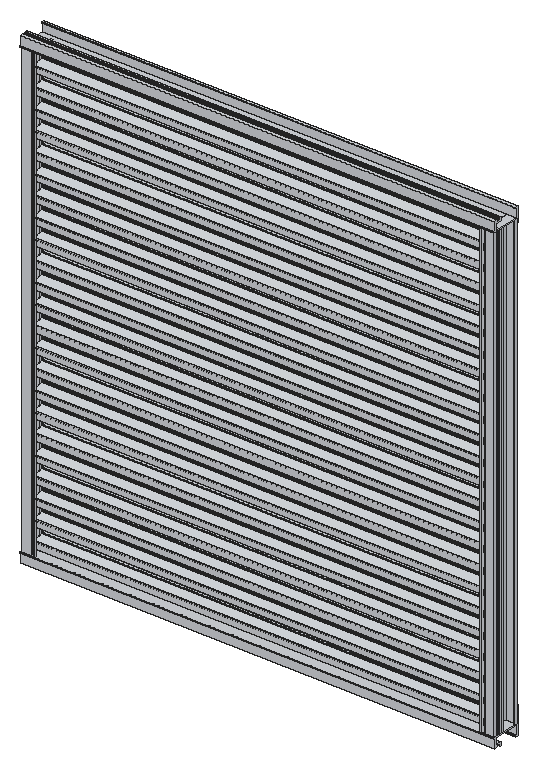
Revit family "FL-D-2", category Mechanical Equipment, Revit 2015
Parameters
  URL = "http://unitedenertech.com/catalog/pdf/A_1%20FL-D-2.pdf"
  Type Comments = "Max. Single Section Size is (120\"w  x  84\"h) or (84\"w  x  120\"h)"
  Number of Blades [instance] = rounddown((Exact Height - 0' 1 11/16") / 0' 1 15/32")  # 23
  Model = "FL-D-2"
  Manufacturer = "United Enertech Corporation"
  Exact Width = 3' - 0"
  Exact Height = 3' - 0"
  Description = "High Performance 2\" Fixed Louver"
  Depth = 0' - 2.2029"
  Blade Spacing = 0' - 1.47"
  BW [instance] = Exact Width - 0' 1 11/16"  # 2' - 10 5/16"
Reference planes (in)
  plane 1 "Center (Front/Back)": y = 0
  plane 2: z = 0
  plane 3 "Center (Left/Right)": x = 0
  plane 4: x = -18
  plane 5: x = 18
  plane 6: z = 36
  plane 7: x = -17.166
  plane 8: x = 17.166
  plane 9: z = 35.166
  plane 10: z = 0.834
  plane 11: y = 2.2029
Forms (in)
  Extrusion 1, solid
    sketch origin (34.20382, -6.2655, 0) x (1, 0, 0) y (0, 1, 0)
      loop
        line (-52.20382, 8.22147) -> (-52.14382, 8.22147) -> (-52.14382, 8.34947) -> (-51.42982, 8.34947) -> (-51.42982, 7.14747) -> (-52.14382, 7.14747) -> (-52.14382, 6.86747) -> (-52.18882, 6.86747) -> (-52.18882, 6.80747) -> (-52.14382, 6.80747) -> (-52.14382, 6.74547) -> (-52.08382, 6.74547) -> (-52.08382, 6.80747) -> (-51.99582, 6.80747) -> (-51.99582, 6.36747) -> (-52.08382, 6.36747) -> (-52.08382, 6.52647) -> (-52.14382, 6.52647) -> (-52.14382, 6.30747) -> (-51.13871, 6.30747) -> (-51.13871, 6.2655) -> (-51.07882, 6.2655) -> (-51.07882, 6.36747) -> (-51.36982, 6.36747) -> (-51.36982, 6.49547) -> (-51.42982, 6.49547) -> (-51.42982, 6.36747) -> (-51.93582, 6.36747) -> (-51.93582, 6.86747) -> (-52.08382, 6.86747) -> (-52.08382, 7.08747) -> (-51.36982, 7.08747) -> (-51.36982, 8.34947) -> (-51.07882, 8.34947) -> (-51.07882, 8.40947) -> (-52.20382, 8.40947) -> (-52.20382, 8.22147)
    from 0.834 to 35.166
  Extrusion 2, solid
    sketch origin (-34.20382, -6.2655, 0) x (-1, 0, 0) y (0, -1, 0)
      loop
        line (-52.20382, -8.22147) -> (-52.20382, -8.40947) -> (-51.07882, -8.40947) -> (-51.07882, -8.34947) -> (-51.36982, -8.34947) -> (-51.36982, -7.08747) -> (-52.08382, -7.08747) -> (-52.08382, -6.86747) -> (-51.93582, -6.86747) -> (-51.93582, -6.36747) -> (-51.42982, -6.36747) -> (-51.42982, -6.49547) -> (-51.36982, -6.49547) -> (-51.36982, -6.36747) -> (-51.07882, -6.36747) -> (-51.07882, -6.2655) -> (-51.13871, -6.2655) -> (-51.13871, -6.30747) -> (-52.14382, -6.30747) -> (-52.14382, -6.52647) -> (-52.08382, -6.52647) -> (-52.08382, -6.36747) -> (-51.99582, -6.36747) -> (-51.99582, -6.80747) -> (-52.08382, -6.80747) -> (-52.08382, -6.74547) -> (-52.14382, -6.74547) -> (-52.14382, -6.80747) -> (-52.18882, -6.80747) -> (-52.18882, -6.86747) -> (-52.14382, -6.86747) -> (-52.14382, -7.14747) -> (-51.42982, -7.14747) -> (-51.42982, -8.34947) -> (-52.14382, -8.34947) -> (-52.14382, -8.22147) -> (-52.20382, -8.22147)
    from 0.834 to 35.166
  Extrusion 3, solid
    sketch origin (-58.57781, 52.92926, -9.8407) x (0, 1, 0) y (0, 0, 1)
      loop
        line (-52.38831, 9.8597) -> (-52.32831, 9.8597) -> (-52.32831, 10.1277) -> (-52.82831, 10.1277) -> (-52.82831, 10.6147) -> (-50.78637, 10.6147) -> (-50.78637, 9.9007) -> (-50.91437, 9.9007) -> (-50.91437, 9.8407) -> (-50.72637, 9.8407) -> (-50.72637, 11.9587) -> (-50.78637, 11.9587) -> (-50.78637, 10.6747) -> (-52.92926, 10.6747) -> (-52.92926, 10.6147) -> (-52.88831, 10.6147) -> (-52.88831, 9.9197) -> (-52.66931, 9.9197) -> (-52.66931, 9.9797) -> (-52.82831, 9.9797) -> (-52.82831, 10.0677) -> (-52.38831, 10.0677) -> (-52.38831, 9.9797) -> (-52.45031, 9.9797) -> (-52.45031, 9.9197) -> (-52.38831, 9.9197) -> (-52.38831, 9.8597)
    from 40.57781 to 76.57781
  Extrusion 4, solid
    sketch origin (-58.51683, 52.86828, 21.94295) x (0, 1, 0) y (0, 0, 1)
      loop
        line (-52.32732, 13.97805) -> (-52.38932, 13.97805) -> (-52.38932, 13.91805) -> (-52.32732, 13.91805) -> (-52.32732, 13.83005) -> (-52.76732, 13.83005) -> (-52.76732, 13.91805) -> (-52.60832, 13.91805) -> (-52.60832, 13.97805) -> (-52.82732, 13.97805) -> (-52.82732, 13.28305) -> (-52.86828, 13.28305) -> (-52.86828, 13.22305) -> (-50.72538, 13.22305) -> (-50.72538, 12.93905) -> (-50.66538, 12.93905) -> (-50.66538, 14.05705) -> (-50.85338, 14.05705) -> (-50.85338, 13.99705) -> (-50.72538, 13.99705) -> (-50.72538, 13.28305) -> (-52.76732, 13.28305) -> (-52.76732, 13.77005) -> (-52.26732, 13.77005) -> (-52.26732, 14.03805) -> (-52.32732, 14.03805) -> (-52.32732, 13.97805)
    from 40.51683 to 76.51683
Dimensions and locks (in)
  equal spacing: plane 5, plane 3 "Center (Left/Right)", plane 4
  "Exact Width": plane 5 to plane 4
  "Exact Height": plane 6 to level
  locked: plane 4 to plane 7 at 0.834
  locked: plane 8 to plane 5 at 0.834
  locked: plane 6 to plane 9 at 0.834
  locked: plane 10 to level at 0.834
  "Depth": plane 1 "Center (Front/Back)" to plane 11
  equal spacing: group 1, group 2, group 3, group 4, group 5, group 6, group 7, group 8, group 9, group 10, group 11, group 12, group 13, group 14, group 15, group 16, group 17, group 18, group 19, group 20, group 21, group 22, group 23  (x2)
  equal spacing: group 23, group 22, group 21, group 20, group 19, group 18, group 17, group 16, group 15, group 14, group 13, group 12, group 11, group 10, group 9, group 8, group 7, group 6, group 5, group 4, group 3, group 2, group 1
  "Blade Spacing": nested 2 to nested 1
  aligned and locked: level to plane 2
  aligned and locked: plane 4 to Extrusion 1
  aligned and locked: plane 5 to Extrusion 2
  aligned and locked: level to Extrusion 3
  aligned and locked: plane 5 to Extrusion 3
  aligned and locked: Extrusion 3 to plane 4
  aligned and locked: plane 6 to Extrusion 4
  aligned and locked: plane 5 to Extrusion 4
  aligned and locked: Extrusion 4 to plane 4
  aligned and locked: plane 9 to Extrusion 1
  aligned and locked: plane 9 to Extrusion 2
  aligned and locked: Extrusion 2 to plane 10
  aligned and locked: Extrusion 1 to plane 10
  aligned and locked: Extrusion 1 to Extrusion 4
  aligned and locked: Extrusion 2 to Extrusion 4
  aligned and locked: plane 9 to nested 1
  aligned and locked: plane 3 "Center (Left/Right)" to nested 1
  aligned and locked: nested 2 to nested 1
Automatic sketch dimensions
  Extrusion 1 sketch curve to plane 4 = 0' - 0"
  plane 1 "Center (Front/Back)" to Extrusion 1 sketch curve = 0' - 0"
  plane 4 to Extrusion 1 sketch curve = 0' - 0.015"
  plane 4 to Extrusion 1 sketch curve = 0' - 0.06"  (x4)
  Extrusion 1 sketch curve to Extrusion 1 sketch curve = 0' - 0.06"  (x9)
  Extrusion 1 sketch curve to Extrusion 1 sketch curve = 0' - 0"  (x4)
  Extrusion 1 sketch curve to Extrusion 1 sketch curve = 0' - 0.088"
  Extrusion 1 sketch curve to Extrusion 1 sketch curve = 0' - 0.506"  (x2)
  Extrusion 1 sketch curve to plane 1 "Center (Front/Back)" = 0' - 0.22997"
  Extrusion 1 sketch curve to plane 1 "Center (Front/Back)" = 0' - 0.04197"
  Extrusion 1 sketch curve to Extrusion 1 sketch curve = 0' - 0.23111"
  Extrusion 1 sketch curve to Extrusion 1 sketch curve = 0' - 0.291"
  Extrusion 1 sketch curve to Extrusion 1 sketch curve = 0' - 0.05989"
  Extrusion 1 sketch curve to plane 1 "Center (Front/Back)" = 0' - 0.10197"
  Extrusion 1 sketch curve to Extrusion 1 sketch curve = 0' - 0.159"
  Extrusion 1 sketch curve to Extrusion 1 sketch curve = 0' - 0.219"
  Extrusion 1 sketch curve to Extrusion 1 sketch curve = 0' - 0.062"  (x2)
  Extrusion 1 sketch curve to Extrusion 1 sketch curve = 0' - 0.22"
  Extrusion 1 sketch curve to Extrusion 1 sketch curve = 0' - 1.074"
  Extrusion 1 sketch curve to Extrusion 1 sketch curve = 0' - 0.128"
  Extrusion 2 sketch curve to plane 5 = 0' - 0"
  plane 1 "Center (Front/Back)" to Extrusion 2 sketch curve = 0' - 0"
  plane 5 to Extrusion 2 sketch curve = 0' - 0.015"
  plane 5 to Extrusion 2 sketch curve = 0' - 0.06"  (x4)
  Extrusion 2 sketch curve to Extrusion 2 sketch curve = 0' - 0.06"  (x9)
  Extrusion 2 sketch curve to Extrusion 2 sketch curve = 0' - 0"  (x4)
  Extrusion 2 sketch curve to Extrusion 2 sketch curve = 0' - 0.088"
  Extrusion 2 sketch curve to Extrusion 2 sketch curve = 0' - 0.506"  (x2)
  plane 1 "Center (Front/Back)" to Extrusion 2 sketch curve = 0' - 0.22997"
  plane 1 "Center (Front/Back)" to Extrusion 2 sketch curve = 0' - 0.04197"
  Extrusion 2 sketch curve to Extrusion 2 sketch curve = 0' - 0.23111"
  Extrusion 2 sketch curve to Extrusion 2 sketch curve = 0' - 0.291"
  Extrusion 2 sketch curve to Extrusion 2 sketch curve = 0' - 0.05989"
  plane 1 "Center (Front/Back)" to Extrusion 2 sketch curve = 0' - 0.10197"
  Extrusion 2 sketch curve to Extrusion 2 sketch curve = 0' - 0.159"
  Extrusion 2 sketch curve to Extrusion 2 sketch curve = 0' - 0.219"
  Extrusion 2 sketch curve to Extrusion 2 sketch curve = 0' - 0.062"  (x2)
  Extrusion 2 sketch curve to Extrusion 2 sketch curve = 0' - 0.22"
  Extrusion 2 sketch curve to Extrusion 2 sketch curve = 0' - 1.074"
  Extrusion 2 sketch curve to Extrusion 2 sketch curve = 0' - 0.128"
  Extrusion 3 sketch curve to plane 1 "Center (Front/Back)" = 0' - 0"
  Extrusion 3 sketch curve to Extrusion 3 sketch curve = 0' - 0.04096"
  Extrusion 3 sketch curve to Extrusion 3 sketch curve = 0' - 0.06"  (x9)
  Extrusion 3 sketch curve to Extrusion 3 sketch curve = 0' - 0"  (x4)
  Extrusion 3 sketch curve to Extrusion 3 sketch curve = 0' - 0.159"
  Extrusion 3 sketch curve to Extrusion 3 sketch curve = 0' - 0.219"
  Extrusion 3 sketch curve to Extrusion 3 sketch curve = 0' - 0.062"  (x2)
  Extrusion 3 sketch curve to Extrusion 3 sketch curve = 0' - 1.41394"
  Extrusion 3 sketch curve to Extrusion 3 sketch curve = 0' - 0.128"
  level to Extrusion 3 sketch curve = 0' - 0"
  Extrusion 3 sketch curve to Extrusion 3 sketch curve = 0' - 0.019"
  Extrusion 3 sketch curve to Extrusion 3 sketch curve = 0' - 0.088"
  Extrusion 3 sketch curve to Extrusion 3 sketch curve = 0' - 0.714"
  Extrusion 3 sketch curve to Extrusion 3 sketch curve = 0' - 1.284"
  Extrusion 4 sketch curve to plane 1 "Center (Front/Back)" = 0' - 0"
  Extrusion 4 sketch curve to Extrusion 4 sketch curve = 0' - 0.04096"
  Extrusion 4 sketch curve to Extrusion 4 sketch curve = 0' - 0.06"  (x11)
  Extrusion 4 sketch curve to Extrusion 4 sketch curve = 0' - 0.159"
  Extrusion 4 sketch curve to Extrusion 4 sketch curve = 0' - 0.219"
  Extrusion 4 sketch curve to Extrusion 4 sketch curve = 0' - 0.062"
  Extrusion 4 sketch curve to Extrusion 4 sketch curve = 0' - 0"  (x2)
  Extrusion 4 sketch curve to Extrusion 4 sketch curve = 0' - 1.41394"
  Extrusion 4 sketch curve to Extrusion 4 sketch curve = 0' - 0.128"
  level to Extrusion 4 sketch curve = 2' - 10.882"
  Extrusion 4 sketch curve to Extrusion 4 sketch curve = 0' - 0.284"
  Extrusion 4 sketch curve to Extrusion 4 sketch curve = 0' - 0.487"
  Extrusion 4 sketch curve to Extrusion 4 sketch curve = 0' - 0.088"  (x2)
  Extrusion 4 sketch curve to Extrusion 4 sketch curve = 0' - 0.714"
Nested families (in)
  nested 1: "2 Blade" at (0, -5.09594, 16.4264), type "2 Blade"
    with Blade Width 2' - 10 5/16"
  nested 2: "2 Blade" at (0, -5.09594, 14.9564), type "2 Blade"
    with Blade Width 2' - 10 5/16"
  nested 3: "2 Blade" at (0, -5.09594, 13.4864), type "2 Blade"
    with Blade Width 2' - 10 5/16"
  nested 4: "2 Blade" at (0, -5.09594, 12.0164), type "2 Blade"
    with Blade Width 2' - 10 5/16"
  nested 5: "2 Blade" at (0, -5.09594, 10.5464), type "2 Blade"
    with Blade Width 2' - 10 5/16"
  nested 6: "2 Blade" at (0, -5.09594, 9.0764), type "2 Blade"
    with Blade Width 2' - 10 5/16"
  nested 7: "2 Blade" at (0, -5.09594, 7.6064), type "2 Blade"
    with Blade Width 2' - 10 5/16"
  nested 8: "2 Blade" at (0, -5.09594, 6.1364), type "2 Blade"
    with Blade Width 2' - 10 5/16"
  nested 9: "2 Blade" at (0, -5.09594, 4.6664), type "2 Blade"
    with Blade Width 2' - 10 5/16"
  nested 10: "2 Blade" at (0, -5.09594, 3.1964), type "2 Blade"
    with Blade Width 2' - 10 5/16"
  nested 11: "2 Blade" at (0, -5.09594, 1.7264), type "2 Blade"
    with Blade Width 2' - 10 5/16"
  nested 12: "2 Blade" at (0, -5.09594, 0.2564), type "2 Blade"
    with Blade Width 2' - 10 5/16"
  nested 13: "2 Blade" at (0, -5.09594, -1.2136), type "2 Blade"
    with Blade Width 2' - 10 5/16"
  nested 14: "2 Blade" at (0, -5.09594, -2.6836), type "2 Blade"
    with Blade Width 2' - 10 5/16"
  nested 15: "2 Blade" at (0, -5.09594, -4.1536), type "2 Blade"
    with Blade Width 2' - 10 5/16"
  nested 16: "2 Blade" at (0, -5.09594, -5.6236), type "2 Blade"
    with Blade Width 2' - 10 5/16"
  nested 17: "2 Blade" at (0, -5.09594, -7.0936), type "2 Blade"
    with Blade Width 2' - 10 5/16"
  nested 18: "2 Blade" at (0, -5.09594, -8.5636), type "2 Blade"
    with Blade Width 2' - 10 5/16"
  nested 19: "2 Blade" at (0, -5.09594, -10.0336), type "2 Blade"
    with Blade Width 2' - 10 5/16"
  nested 20: "2 Blade" at (0, -5.09594, -11.5036), type "2 Blade"
    with Blade Width 2' - 10 5/16"
  nested 21: "2 Blade" at (0, -5.09594, -12.9736), type "2 Blade"
    with Blade Width 2' - 10 5/16"
  nested 22: "2 Blade" at (0, -5.09594, -14.4436), type "2 Blade"
    with Blade Width 2' - 10 5/16"
  nested 23: "2 Blade" at (0, -5.09594, -15.9136), type "2 Blade"
    with Blade Width 2' - 10 5/16"
Definition of nested family "2 Blade"
  Parameters (values of type "2 Blade")
    Blade Width = 4' - 0"
  Reference planes (in)
    plane 1 "Center (Front/Back)": y = 0
    plane 2: z = 0
    plane 3 "Center (Left/Right)": x = 0
    plane 4: x = -24
    plane 5: x = 24
  Forms (in)
    Extrusion 1, solid
      sketch origin (-11.31137, -0.48975, 11.80112) x (0, 1, 0) y (0, 0, 1)
        loop
          line (5.68765, 5.99696) -> (5.68765, 5.45928) -> (6.57381, 6.06348) -> (6.64102, 6.05) -> (6.66307, 6.10142) -> (6.61157, 6.12089) -> (6.58076, 6.1517) -> (6.57109, 6.18935) -> (6.58156, 6.22841) -> (6.61015, 6.257) -> (6.64922, 6.26747) -> (6.68828, 6.257) -> (6.71687, 6.22841) -> (6.72734, 6.18935) -> (6.72639, 6.14855) -> (6.78489, 6.14193) -> (6.78734, 6.18935) -> (6.78579, 6.25088) -> (6.98655, 6.38776) -> (7.03105, 6.36934) -> (7.08441, 6.34916) -> (7.10622, 6.40686) -> (7.0708, 6.41773) -> (7.04051, 6.43522) -> (7.01758, 6.47493) -> (7.01758, 6.50991) -> (7.04051, 6.54962) -> (7.0708, 6.5671) -> (7.11665, 6.5671) -> (7.14694, 6.54962) -> (7.16987, 6.50991) -> (7.16987, 6.45101) -> (7.22768, 6.44597) -> (7.23663, 6.51312) -> (7.6896, 6.93848) -> (7.39953, 6.93848) -> (7.39953, 6.88031) -> (7.54, 6.88031) -> (7.22154, 6.58125) -> (7.16279, 6.61204) -> (7.09373, 6.63054) -> (7.02466, 6.61204) -> (6.97411, 6.56148) -> (6.9556, 6.49242) -> (6.95485, 6.43829) -> (6.75034, 6.29885) -> (6.71828, 6.30897) -> (6.64922, 6.32747) -> (6.60004, 6.31842) -> (6.54353, 6.27989) -> (6.51284, 6.20835) -> (6.51284, 6.1674) -> (6.52348, 6.10131) -> (5.74807, 5.57262) -> (5.74807, 5.85815) -> (5.83283, 5.78157) -> (5.87305, 5.82609) -> (5.68765, 5.99696)
      from -12.68863 to 35.31137
  Dimensions and locks (in)
    equal spacing: plane 4, plane 3 "Center (Left/Right)", plane 5
    "Blade Width": plane 4 to plane 5
    aligned and locked: level to plane 2
    aligned and locked: plane 4 to Extrusion 1
    aligned and locked: plane 5 to Extrusion 1
  Automatic sketch dimensions
    Extrusion 1 sketch curve to plane 1 "Center (Front/Back)" = 0' - 5.19791"
    Extrusion 1 sketch curve to Extrusion 1 sketch curve = 0' - 0.06042"
    Extrusion 1 sketch curve to Extrusion 1 sketch curve = 0' - 0.08476"
    Extrusion 1 sketch curve to Extrusion 1 sketch curve = 0' - 0.04022"
    Extrusion 1 sketch curve to Extrusion 1 sketch curve = 0' - 0.63979"
    Extrusion 1 sketch curve to Extrusion 1 sketch curve = 0' - 0.01064"
    Extrusion 1 sketch curve to Extrusion 1 sketch curve = 0' - 0.03068"
    Extrusion 1 sketch curve to Extrusion 1 sketch curve = 0' - 0.05825"
    Extrusion 1 sketch curve to Extrusion 1 sketch curve = 0' - 0.05032"
    Extrusion 1 sketch curve to Extrusion 1 sketch curve = 0' - 0.00967"
    Extrusion 1 sketch curve to Extrusion 1 sketch curve = 0' - 0.01047"  (x3)
    Extrusion 1 sketch curve to Extrusion 1 sketch curve = 0' - 0.05651"
    Extrusion 1 sketch curve to Extrusion 1 sketch curve = 0' - 0.0286"  (x4)
    Extrusion 1 sketch curve to Extrusion 1 sketch curve = 0' - 0.03082"  (x2)
    Extrusion 1 sketch curve to Extrusion 1 sketch curve = 0' - 0.06721"
    Extrusion 1 sketch curve to Extrusion 1 sketch curve = 0' - 0.04918"
    Extrusion 1 sketch curve to Extrusion 1 sketch curve = 0' - 0 5/128"  (x4)
    Extrusion 1 sketch curve to Extrusion 1 sketch curve = 0' - 0.0515"
    Extrusion 1 sketch curve to Extrusion 1 sketch curve = 0' - 0.03"
    Extrusion 1 sketch curve to Extrusion 1 sketch curve = 0' - 0.06332"
    Extrusion 1 sketch curve to Extrusion 1 sketch curve = 0' - 0.03206"
    Extrusion 1 sketch curve to Extrusion 1 sketch curve = 0' - 0.05849"
    Extrusion 1 sketch curve to Extrusion 1 sketch curve = 0' - 0.03546"
    Extrusion 1 sketch curve to Extrusion 1 sketch curve = 0' - 0.00246"
    Extrusion 1 sketch curve to Extrusion 1 sketch curve = 0' - 0.20451"
    Extrusion 1 sketch curve to Extrusion 1 sketch curve = 0' - 0.00075"
    Extrusion 1 sketch curve to Extrusion 1 sketch curve = 0' - 0.01851"
    Extrusion 1 sketch curve to Extrusion 1 sketch curve = 0' - 0.0317"
    Extrusion 1 sketch curve to Extrusion 1 sketch curve = 0' - 0.06198"
    Extrusion 1 sketch curve to Extrusion 1 sketch curve = 0' - 0.05056"
    Extrusion 1 sketch curve to Extrusion 1 sketch curve = 0' - 0.04449"
    Extrusion 1 sketch curve to Extrusion 1 sketch curve = 0' - 0.02293"  (x3)
    Extrusion 1 sketch curve to Extrusion 1 sketch curve = 0' - 0.03029"  (x3)
    Extrusion 1 sketch curve to Extrusion 1 sketch curve = 0' - 0.05336"
    Extrusion 1 sketch curve to Extrusion 1 sketch curve = 0' - 0.03542"
    Extrusion 1 sketch curve to Extrusion 1 sketch curve = 0' - 0.04586"
    Extrusion 1 sketch curve to Extrusion 1 sketch curve = 0' - 0.01585"
    Extrusion 1 sketch curve to Extrusion 1 sketch curve = 0' - 0.06365"
    Extrusion 1 sketch curve to Extrusion 1 sketch curve = 0' - 0.05875"
    Extrusion 1 sketch curve to Extrusion 1 sketch curve = 0' - 0.05781"
    Extrusion 1 sketch curve to Extrusion 1 sketch curve = 0' - 0.06676"
    Extrusion 1 sketch curve to Extrusion 1 sketch curve = 0' - 0.17799"
    Extrusion 1 sketch curve to Extrusion 1 sketch curve = 0' - 0.14048"
    Extrusion 1 sketch curve to Extrusion 1 sketch curve = 0' - 0.1496"
    level to Extrusion 1 sketch curve = 1' - 5.2604"
    Extrusion 1 sketch curve to Extrusion 1 sketch curve = 0' - 0.11334"
    Extrusion 1 sketch curve to Extrusion 1 sketch curve = 0' - 0.20895"
    Extrusion 1 sketch curve to Extrusion 1 sketch curve = 0' - 0.04452"
    Extrusion 1 sketch curve to Extrusion 1 sketch curve = 0' - 0.13881"
    Extrusion 1 sketch curve to Extrusion 1 sketch curve = 0' - 0.22391"
    Extrusion 1 sketch curve to Extrusion 1 sketch curve = 0' - 0.01348"
    Extrusion 1 sketch curve to Extrusion 1 sketch curve = 0' - 0.03783"
    Extrusion 1 sketch curve to Extrusion 1 sketch curve = 0' - 0.05142"
    Extrusion 1 sketch curve to Extrusion 1 sketch curve = 0' - 0.01947"
    Extrusion 1 sketch curve to Extrusion 1 sketch curve = 0' - 0.04051"
    Extrusion 1 sketch curve to Extrusion 1 sketch curve = 0' - 0.00662"
    Extrusion 1 sketch curve to Extrusion 1 sketch curve = 0' - 0.06609"
    Extrusion 1 sketch curve to Extrusion 1 sketch curve = 0' - 0.04742"
    Extrusion 1 sketch curve to Extrusion 1 sketch curve = 0' - 0.0408"
    Extrusion 1 sketch curve to Extrusion 1 sketch curve = 0' - 0.03764"
    Extrusion 1 sketch curve to Extrusion 1 sketch curve = 0' - 0.04095"
    Extrusion 1 sketch curve to Extrusion 1 sketch curve = 0' - 0.06153"
    Extrusion 1 sketch curve to Extrusion 1 sketch curve = 0' - 0.05148"
    Extrusion 1 sketch curve to Extrusion 1 sketch curve = 0' - 0.04797"
    Extrusion 1 sketch curve to Extrusion 1 sketch curve = 0' - 0.01011"
    Extrusion 1 sketch curve to Extrusion 1 sketch curve = 0' - 0.06142"
    Extrusion 1 sketch curve to Extrusion 1 sketch curve = 0' - 0.00905"
    Extrusion 1 sketch curve to Extrusion 1 sketch curve = 0' - 0.09828"
    Extrusion 1 sketch curve to Extrusion 1 sketch curve = 0' - 0.02017"
    Extrusion 1 sketch curve to Extrusion 1 sketch curve = 0' - 0.01843"
    Extrusion 1 sketch curve to Extrusion 1 sketch curve = 0' - 0.01087"
    Extrusion 1 sketch curve to Extrusion 1 sketch curve = 0' - 0.01749"  (x2)
    Extrusion 1 sketch curve to Extrusion 1 sketch curve = 0' - 0.05053"
    Extrusion 1 sketch curve to Extrusion 1 sketch curve = 0' - 0.03911"
    Extrusion 1 sketch curve to Extrusion 1 sketch curve = 0' - 0.00504"
    Extrusion 1 sketch curve to Extrusion 1 sketch curve = 0' - 0.03971"  (x3)
    Extrusion 1 sketch curve to Extrusion 1 sketch curve = 0' - 0.05413"
    Extrusion 1 sketch curve to Extrusion 1 sketch curve = 0' - 0.0589"
    Extrusion 1 sketch curve to Extrusion 1 sketch curve = 0' - 0.03497"
    Extrusion 1 sketch curve to Extrusion 1 sketch curve = 0' - 0.00321"
    Extrusion 1 sketch curve to Extrusion 1 sketch curve = 0' - 0.01186"
    Extrusion 1 sketch curve to Extrusion 1 sketch curve = 0' - 0.06813"
    Extrusion 1 sketch curve to Extrusion 1 sketch curve = 0' - 0.04493"
    Extrusion 1 sketch curve to Extrusion 1 sketch curve = 0' - 0.06242"
    Extrusion 1 sketch curve to Extrusion 1 sketch curve = 0' - 0.06344"
    Extrusion 1 sketch curve to Extrusion 1 sketch curve = 0' - 0.29906"
    Extrusion 1 sketch curve to Extrusion 1 sketch curve = 0' - 0.05817"
